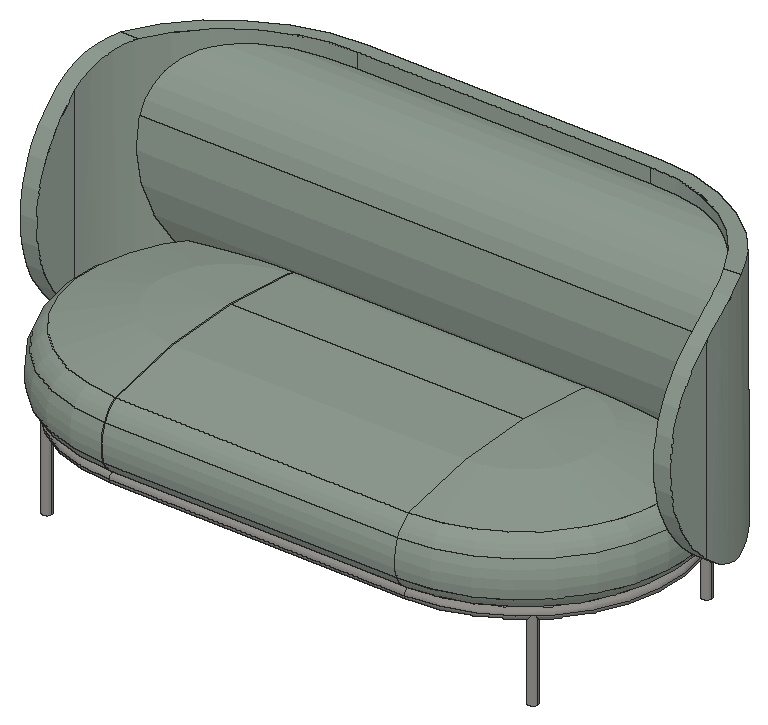
Revit family "FU_Chair_Sandler_Metiz 480-51", category Furniture, Revit 2020
Family settings
  OmniClass Number = 23.40.20.00
  OmniClass Title = General Furniture and Specialties
  Work Plane-Based = No
  Always vertical = Yes
  Cut with Voids When Loaded = No
  Shared = No
  Room Calculation Point = No
Parameters (values of type "Metiz 480.51")
  Width = 1620 mm
  URL = "https://www.sandlerseating.com/product/metiz-480-51/"
  Seat [instance] = Fabric - Mainline Flax - Bayswater MLF24
  Model = "Metiz 480.51"
  Manufacturer = "Sandler"
  Height = 820 mm
  Frame [instance] = Metal Lacquers - F074 Mud
  Description = "Upholstered sofa on a lacquered steel frame."
  Depth = 820 mm
  Default Elevation = 0 mm
Reference planes
  plane 1 "Center (Front/Back)": y = 0
  plane 2: z = 0
  plane 3 "Center (Left/Right)": x = 0
  plane 4 "Right": x = -810
  plane 5 "Left": x = 810
  plane 6 "Back": y = 410
  plane 7 "Front": y = -410
  plane 8 "Height": z = 820
  plane 9 "Seat height": z = 430
  plane 10 "Frame Ring C FRONT": z = 201.053
  plane 11 "Seat C TOP": y = -17.354
Forms (mm)
  Sweep 1, solid, material "Metal Lacquers - F074 Mud" <- "Frame"
    path origin (0, 0, 201.053) x (0, -1, 0) y (1, 0, 0)
      loop
        arc (-342.646, -368) -> (17.354, -728) -> (377.354, -368) r 360
        line (377.354, -368) -> (377.354, 368)
        arc (377.354, 368) -> (17.354, 728) -> (-342.646, 368) r 360
        line (-342.646, 368) -> (-342.646, -368)
    profile "Pro_Circles : 25mm" origin (0, 342.646, 201.053) x (0, 1, 0) y (0, 0, 1)
      loop
        arc (-12.467, 0.067) -> (-8.882, -8.788) -> (-0.067, -12.467) r 12.401
        arc (-0.067, -12.467) -> (8.836, -8.836) -> (12.467, 0.067) r 12.401
        arc (12.467, 0.067) -> (8.788, 8.882) -> (-0.067, 12.467) r 12.401
        arc (-0.067, 12.467) -> (-8.835, 8.835) -> (-12.467, 0.067) r 12.4
  Extrusion 2, solid, material "Metal Lacquers - F074 Mud" <- "Frame"
    sketch origin (0, 0, 0) x (1, 0, 0) y (0, 1, 0)
      loop
        circle (-606.221, 252.555) r 12
    from 0 to 201.053
  Extrusion 3, solid, material "Metal Lacquers - F074 Mud" <- "Frame"
    sketch origin (0, 0, 0) x (1, 0, 0) y (0, 1, 0)
      loop
        circle (-605.156, -288.199) r 12
    from 0 to 201.053
  Extrusion 4, solid, material "Metal Lacquers - F074 Mud" <- "Frame"
    sketch origin (0, 0, 0) x (-1, 0, 0) y (0, -1, 0)
      loop
        circle (-606.221, -252.555) r 12
    from 0 to 201.053
  Extrusion 5, solid, material "Metal Lacquers - F074 Mud" <- "Frame"
    sketch origin (0, 0, 0) x (-1, 0, 0) y (0, -1, 0)
      loop
        circle (-605.156, 288.199) r 12
    from 0 to 201.053
  Revolve 6, solid, material "Fabric - Mainline Flax - Bayswater MLF24" <- "Seat"
    sketch origin (0, -17.354, 0) x (-1, 0, 0) y (0, 0, 1)
      loop
        arc (719.148, 211.096) -> (743.718, 226.216) -> (761.036, 249.291) r 77.332
        arc (761.036, 249.291) -> (766.641, 293.495) -> (757.017, 337.002) r 130.23
        arc (757.017, 337.002) -> (742.787, 360.343) -> (722.014, 378.112) r 86.953
        arc (722.014, 378.112) -> (546.101, 418.555) -> (365.962, 430) r 1111.828
        line (365.962, 430) -> (365.962, 201.12) -> (714.744, 201.12)
        arc (714.744, 201.12) -> (715.894, 206.572) -> (719.148, 211.096) r 13.5
      axis (365.962, 430) -> (365.962, 201.12)
    angle from -90 to 90
  Revolve 7, solid, material "Fabric - Mainline Flax - Bayswater MLF24" <- "Seat"
    sketch origin (0, -17.354, 0) x (1, 0, 0) y (0, 0, 1)
      loop
        arc (719.148, 211.096) -> (743.718, 226.216) -> (761.036, 249.291) r 77.332
        arc (761.036, 249.291) -> (766.641, 293.495) -> (757.017, 337.002) r 130.23
        arc (757.017, 337.002) -> (742.787, 360.343) -> (722.014, 378.112) r 86.953
        arc (722.014, 378.112) -> (546.101, 418.555) -> (365.962, 430) r 1111.828
        line (365.962, 430) -> (365.962, 201.12) -> (714.744, 201.12)
        arc (714.744, 201.12) -> (715.894, 206.572) -> (719.148, 211.096) r 13.5
      axis (365.962, 430) -> (365.962, 201.12)
    angle from -90 to 90
  Extrusion 8, solid, material "Fabric - Mainline Flax - Bayswater MLF24" <- "Seat"
    sketch origin (0, 0, 0) x (0, 1, 0) y (0, 0, 1)
      loop
        arc (-17.354, 430) -> (-197.492, 418.555) -> (-373.405, 378.112) r 1111.828
        arc (-373.405, 378.112) -> (-394.178, 360.343) -> (-408.408, 337.002) r 86.953
        arc (-408.408, 337.002) -> (-418.033, 293.495) -> (-412.428, 249.291) r 130.23
        arc (-412.428, 249.291) -> (-395.109, 226.216) -> (-370.539, 211.096) r 77.332
        arc (-370.539, 211.096) -> (-367.285, 206.572) -> (-366.135, 201.12) r 13.5
        line (-366.135, 201.12) -> (331.428, 201.12)
        arc (331.428, 201.12) -> (332.578, 206.572) -> (335.832, 211.096) r 13.5
        arc (335.832, 211.096) -> (360.402, 226.216) -> (377.72, 249.291) r 77.332
        arc (377.72, 249.291) -> (383.326, 293.495) -> (373.701, 337.002) r 130.23
        arc (373.701, 337.002) -> (359.471, 360.343) -> (338.698, 378.112) r 86.953
        arc (338.698, 378.112) -> (162.785, 418.555) -> (-17.354, 430) r 1111.828
    from -365.962 to 365.962
  Extrusion 9, solid, material "Fabric - Mainline Flax - Bayswater MLF24" <- "Seat"
    sketch origin (0, 0, 201.053) x (0, -1, 0) y (1, 0, 0)
      loop
        line (0, -809.634) -> (141.436, -809.634) -> (141.436, -769.646) -> (0, -769.646)
        spline (0, -769.646) -> (-49.944, -764.13) -> (-98.8, -752.177) -> (-145.779, -733.98) -> (-190.12, -709.833) -> (-231.106, -680.126) -> (-268.075, -645.34) -> (-300.43, -606.037) -> (-327.647, -562.852) -> (-349.286, -516.484) -> (-364.997, -467.683) -> (-374.527, -417.237) -> (-377.72, -365.962)
        line (-377.72, -365.962) -> (-377.72, 365.962)
        spline (-377.72, 365.962) -> (-374.527, 417.237) -> (-364.997, 467.683) -> (-349.286, 516.484) -> (-327.647, 562.852) -> (-300.43, 606.037) -> (-268.075, 645.34) -> (-231.106, 680.126) -> (-190.12, 709.833) -> (-145.779, 733.98) -> (-98.8, 752.177) -> (-49.944, 764.13) -> (0, 769.646)
        line (0, 769.646) -> (141.436, 769.646) -> (141.436, 809.634) -> (0, 809.634)
        spline (0, 809.634) -> (-54.161, 803.739) -> (-107.16, 790.735) -> (-158.138, 770.834) -> (-206.266, 744.358) -> (-250.762, 711.738) -> (-290.905, 673.503) -> (-326.043, 630.275) -> (-355.605, 582.754) -> (-379.11, 531.714) -> (-396.178, 477.981) -> (-406.53, 422.43) -> (-410, 365.962)
        line (-410, 365.962) -> (-410, -365.962)
        spline (-410, -365.962) -> (-406.53, -422.43) -> (-396.178, -477.981) -> (-379.11, -531.714) -> (-355.605, -582.754) -> (-326.043, -630.275) -> (-290.905, -673.503) -> (-250.762, -711.738) -> (-206.266, -744.358) -> (-158.138, -770.834) -> (-107.16, -790.735) -> (-54.161, -803.739) -> (0, -809.634)
    from 0 to 620
  Extrusion 10, void
    sketch origin (0, 0, 0) x (0, 1, 0) y (0, 0, 1)
      loop
        line (198.992, 824.648) -> (198.992, 854.648) -> (-162.74, 854.648) -> (-162.74, 164.648) -> (198.992, 164.648) -> (198.992, 194.648)
        arc (198.992, 194.648) -> (-116.008, 509.648) -> (198.992, 824.648) r 315
    from -820 to 820
  Extrusion 11, solid, material "Fabric - Mainline Flax - Bayswater MLF24" <- "Seat"
    sketch origin (0, -25.679, -0.14) x (0, 1, 0) y (0, 0, 1)
      loop
        arc (410, 781.368) -> (264.345, 769.289) -> (180.639, 649.477) r 171.889
        arc (180.639, 649.477) -> (183.98, 493.674) -> (245.481, 350.484) r 408.071
        line (245.481, 350.484) -> (410, 350.484) -> (410, 781.368)
    from -810 to 810
  Extrusion 12, void
    sketch origin (0, 0, 201.053) x (0, -1, 0) y (1, 0, 0)
      loop
        arc (-135.79, -746.287) -> (-322.418, -595.43) -> (-392.646, -365.962) r 410
        line (-392.646, -365.962) -> (-392.646, 365.962)
        arc (-392.646, 365.962) -> (-322.418, 595.43) -> (-135.79, 746.287) r 410
        line (-135.79, 746.287) -> (-135.79, 846.287) -> (-410, 846.287) -> (-410, -846.287) -> (-135.79, -846.287) -> (-135.79, -746.287)
    from 138.458 to 618.947
Cuts and joins
  joined: Revolve 7, Extrusion 8
  Extrusion 10 cuts Extrusion 9
  Extrusion 12 cuts Extrusion 11
Dimensions and locks
  equal spacing: plane 4 "Right", plane 3 "Center (Left/Right)", plane 5 "Left"
  "Width": plane 4 "Right" to plane 5 "Left"
  equal spacing: plane 6 "Back", plane 1 "Center (Front/Back)", plane 7 "Front"
  "Depth": plane 6 "Back" to plane 7 "Front"
  "Height": plane 8 "Height" to level
  plane 9 "Seat height" to level = 430 mm
  aligned and locked: level to plane 2
Automatic sketch dimensions
  Sweep 1 sketch curve to plane 11 "Seat C TOP" = 0 mm
  Sweep 1 sketch curve to plane 6 "Back" = 67.354 mm
  plane 3 "Center (Left/Right)" to Sweep 1 sketch curve = 368 mm
  Extrusion 2 sketch curve to plane 4 "Right" = 203.779 mm
  Extrusion 2 sketch curve to plane 6 "Back" = 157.445 mm
  Extrusion 3 sketch curve to plane 4 "Right" = 204.844 mm
  plane 7 "Front" to Extrusion 3 sketch curve = 121.801 mm
  Extrusion 4 sketch curve to plane 5 "Left" = 203.779 mm
  plane 6 "Back" to Extrusion 4 sketch curve = 157.445 mm
  Extrusion 5 sketch curve to plane 5 "Left" = 204.844 mm
  Extrusion 5 sketch curve to plane 7 "Front" = 121.801 mm
  Revolve 6 sketch curve to plane 9 "Seat height" = 0 mm
  Revolve 6 sketch curve to plane 4 "Right" = 173.452 mm
  Revolve 6 sketch curve to Revolve 6 sketch curve = 40.033 mm
  Revolve 6 sketch curve to Revolve 6 sketch curve = 15.032 mm
  Revolve 6 sketch curve to plane 10 "Frame Ring C FRONT" = 0.067 mm
  Revolve 6 sketch curve to Revolve 6 sketch curve = 23.13 mm
  Revolve 6 sketch curve to Revolve 6 sketch curve = 13.5 mm
  Revolve 6 sketch curve to level = 681.652 mm
  Revolve 6 sketch curve to plane 10 "Frame Ring C FRONT" = 82.306 mm
  Revolve 6 sketch curve to Revolve 6 sketch curve = 4.174 mm
  Revolve 6 sketch curve to Revolve 6 sketch curve = 20.613 mm
  Revolve 6 sketch curve to plane 10 "Frame Ring C FRONT" = 10.042 mm
  Revolve 6 sketch curve to Revolve 6 sketch curve = 0 mm  (x3)
  Revolve 6 sketch curve to plane 9 "Seat height" = 51.888 mm
  plane 10 "Frame Ring C FRONT" to Revolve 6 sketch curve = 52.308 mm
  Revolve 6 sketch curve to Revolve 6 sketch curve = 48.187 mm
  Revolve 7 sketch curve to plane 9 "Seat height" = 0 mm
  Revolve 7 sketch curve to plane 3 "Center (Left/Right)" = 365.962 mm
  Revolve 7 sketch curve to plane 3 "Center (Left/Right)" = 385.766 mm
  Revolve 7 sketch curve to plane 5 "Left" = 173.452 mm
  Revolve 7 sketch curve to Revolve 7 sketch curve = 40.033 mm
  Revolve 7 sketch curve to Revolve 7 sketch curve = 15.032 mm
  plane 10 "Frame Ring C FRONT" to Revolve 7 sketch curve = 0.067 mm
  Revolve 7 sketch curve to Revolve 7 sketch curve = 23.13 mm
  Revolve 7 sketch curve to Revolve 7 sketch curve = 13.5 mm
  level to Revolve 7 sketch curve = 681.652 mm
  plane 10 "Frame Ring C FRONT" to Revolve 7 sketch curve = 82.306 mm
  Revolve 7 sketch curve to Revolve 7 sketch curve = 4.174 mm
  Revolve 7 sketch curve to Revolve 7 sketch curve = 20.613 mm
  Revolve 7 sketch curve to Revolve 7 sketch curve = 0 mm  (x3)
  plane 10 "Frame Ring C FRONT" to Revolve 7 sketch curve = 10.042 mm
  plane 9 "Seat height" to Revolve 7 sketch curve = 51.888 mm
  Revolve 7 sketch curve to plane 10 "Frame Ring C FRONT" = 52.308 mm
  Revolve 7 sketch curve to Revolve 7 sketch curve = 48.187 mm
  Sweep 1 sketch curve to plane 3 "Center (Left/Right)" = 368 mm
  Revolve 6 sketch curve to plane 3 "Center (Left/Right)" = 385.766 mm
  Revolve 6 sketch curve to Revolve 6 sketch curve = 270.586 mm
  Extrusion 9 sketch curve to plane 6 "Back" = 0 mm
  plane 1 "Center (Front/Back)" to Extrusion 9 sketch curve = 0 mm  (x4)
  Extrusion 9 sketch curve to plane 11 "Seat C TOP" = 0 mm  (x4)
  Extrusion 9 sketch curve to plane 4 "Right" = 40.354 mm
  Extrusion 9 sketch curve to plane 11 "Seat C TOP" = 124.082 mm  (x2)
  plane 5 "Left" to Extrusion 9 sketch curve = 0.366 mm
  Extrusion 9 sketch curve to plane 4 "Right" = 0.366 mm
  Extrusion 9 sketch curve to plane 3 "Center (Left/Right)" = 365.962 mm
  plane 3 "Center (Left/Right)" to Extrusion 9 sketch curve = 365.962 mm
  Extrusion 9 sketch curve to Extrusion 9 sketch curve = 39.988 mm
  Extrusion 9 sketch curve to plane 6 "Back" = 32.28 mm
  Extrusion 9 sketch curve to Extrusion 9 sketch curve = 0 mm  (x2)
  Extrusion 8 sketch curve to plane 9 "Seat height" = 0 mm
  Extrusion 8 sketch curve to plane 11 "Seat C TOP" = 0 mm
  Extrusion 8 sketch curve to plane 11 "Seat C TOP" = 19.804 mm
  plane 7 "Front" to Extrusion 8 sketch curve = 122.061 mm
  Extrusion 8 sketch curve to Extrusion 8 sketch curve = 40.033 mm  (x2)
  Extrusion 8 sketch curve to Extrusion 8 sketch curve = 15.032 mm  (x2)
  Extrusion 8 sketch curve to plane 10 "Frame Ring C FRONT" = 0.067 mm
  plane 7 "Front" to Extrusion 8 sketch curve = 43.865 mm
  Extrusion 8 sketch curve to Extrusion 8 sketch curve = 13.5 mm  (x2)
  Extrusion 8 sketch curve to plane 1 "Center (Front/Back)" = 2.45 mm
  Extrusion 8 sketch curve to plane 6 "Back" = 156.768 mm
  Extrusion 8 sketch curve to plane 6 "Back" = 78.572 mm
  Extrusion 8 sketch curve to level = 681.652 mm
  Extrusion 8 sketch curve to Extrusion 8 sketch curve = 0 mm  (x3)
  Extrusion 8 sketch curve to plane 10 "Frame Ring C FRONT" = 82.306 mm  (x2)
  Extrusion 8 sketch curve to Extrusion 8 sketch curve = 4.174 mm  (x2)
  Extrusion 8 sketch curve to Extrusion 8 sketch curve = 20.613 mm  (x2)
  Extrusion 8 sketch curve to plane 10 "Frame Ring C FRONT" = 10.042 mm  (x2)
  plane 7 "Front" to Extrusion 8 sketch curve = 36.595 mm
  Extrusion 8 sketch curve to plane 9 "Seat height" = 51.888 mm
  plane 10 "Frame Ring C FRONT" to Extrusion 10 sketch curve = 36.406 mm
  Extrusion 10 sketch curve to plane 11 "Seat C TOP" = 145.386 mm
  plane 8 "Height" to Extrusion 10 sketch curve = 4.648 mm
  Extrusion 10 sketch curve to plane 1 "Center (Front/Back)" = 198.992 mm
  Extrusion 10 sketch curve to Extrusion 10 sketch curve = 0 mm
  plane 9 "Seat height" to Extrusion 10 sketch curve = 79.648 mm
  plane 8 "Height" to Extrusion 10 sketch curve = 34.648 mm
  Extrusion 11 sketch curve to plane 9 "Seat height" = 79.656 mm
  Extrusion 11 sketch curve to plane 6 "Back" = 190.198 mm
  Extrusion 11 sketch curve to plane 6 "Back" = 85.648 mm
  Extrusion 11 sketch curve to plane 6 "Back" = 25.679 mm
  plane 6 "Back" to Extrusion 11 sketch curve = 147.101 mm
  plane 9 "Seat height" to Extrusion 11 sketch curve = 150.02 mm
  Extrusion 11 sketch curve to plane 8 "Height" = 199.861 mm
  Extrusion 11 sketch curve to plane 8 "Height" = 38.772 mm
  Extrusion 12 sketch curve to plane 6 "Back" = 0 mm
  Extrusion 12 sketch curve to plane 11 "Seat C TOP" = 0 mm  (x2)
  plane 5 "Left" to Extrusion 12 sketch curve = 63.713 mm
  Extrusion 12 sketch curve to plane 1 "Center (Front/Back)" = 135.79 mm  (x2)
  plane 4 "Right" to Extrusion 12 sketch curve = 36.287 mm
  Extrusion 12 sketch curve to plane 3 "Center (Left/Right)" = 365.962 mm
  Extrusion 12 sketch curve to plane 5 "Left" = 36.287 mm
  Extrusion 12 sketch curve to plane 6 "Back" = 17.354 mm
  Extrusion 12 sketch curve to Extrusion 12 sketch curve = 0 mm
  radius of Extrusion 2 sketch curve = 12 mm
  radius of Extrusion 3 sketch curve = 12 mm
  radius of Extrusion 4 sketch curve = 12 mm
  radius of Extrusion 5 sketch curve = 12 mm
